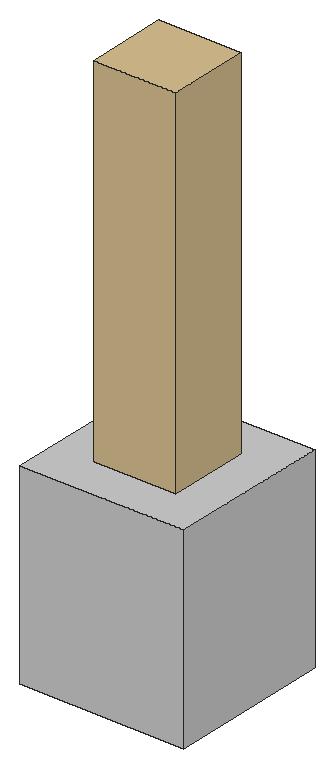
Revit family "STC_A3-Pile-Timber-Square-(NZ)", category Structural Foundations, Revit 2016
Family settings
  Material for Model Behavior = Other
  Cap = No
  Work Plane-Based = No
  Always vertical = Yes
  Cut with Voids When Loaded = No
  Shared = No
Parameters (values of type "125 x 125 Pile Timber")
  Pile Size = 125 mm
  Pad Thickness = 300 mm
  Pad Size = 250 mm
  Offset Vert [instance] = 62.5 mm
  Offset Pad Vert [instance] = Offset Vert + ((Pad Size - Pile Size) / 2)  # 125 mm
  Offset Pad Horz [instance] = Offset Horz + ((Pad Size - Pile Size) / 2)  # 125 mm
  Offset Horz [instance] = 62.5 mm
  Floor Depth [instance] = 150.3 mm
  Depth [instance] = 1000 mm
Reference planes
  plane 1 "Center (Front/Back)": y = 277.036
  plane 2: z = 0
  plane 3 "Center (Left/Right)": x = 192.716
  plane 4: y = 214.536
  plane 5: y = 339.536
  plane 6: x = 67.716
  plane 7: x = 317.716
  plane 8: y = 402.036
  plane 9: y = 152.036
  plane 10: x = 130.216
  plane 11: x = 255.216
  plane 12 "Pad Top": z = -700
  plane 13 "Depth": z = -1000
  plane 14: z = -150.3
  plane 15: z = -950
Forms (mm)
  Extrusion 1, solid
    sketch origin (0, 0, -700) x (0, -1, 0) y (1, 0, 0)
      loop
        line (-214.536, 130.216) -> (-214.536, 255.216) -> (-339.536, 255.216) -> (-339.536, 130.216) -> (-214.536, 130.216)
    from -250 to 549.7
  Extrusion 2, solid
    sketch origin (0, 0, -1000) x (0, -1, 0) y (1, 0, 0)
      loop
        line (-152.036, 67.716) -> (-152.036, 317.716) -> (-402.036, 317.716) -> (-402.036, 67.716) -> (-152.036, 67.716)
    from 0 to 300
Lines and regions (mm)
  symbolic lines, style "Plan Rep"
    curve 1: line (67.716, 152.036, 0) -> (317.716, 152.036, 0)
    curve 2: line (317.716, 152.036, 0) -> (317.716, 402.036, 0)
    curve 3: line (317.716, 402.036, 0) -> (67.716, 402.036, 0)
    curve 4: line (67.716, 402.036, 0) -> (67.716, 152.036, 0)
Dimensions and locks
  "Pile Size": plane 4 to plane 5
  "Pad Size": plane 6 to plane 7
  "Pad Size": plane 9 to plane 8
  "Pile Size": plane 10 to plane 11
  "Offset Vert": plane 1 "Center (Front/Back)" to plane 5
  "Pad Thickness": plane 12 "Pad Top" to plane 13 "Depth"
  "Depth": level to plane 13 "Depth"
  "Offset Pad Vert": plane 1 "Center (Front/Back)" to plane 8
  "Offset Pad Horz": plane 6 to plane 3 "Center (Left/Right)"
  "Offset Horz": plane 10 to plane 3 "Center (Left/Right)"
  "Floor Depth": level to plane 14
  plane 15 to plane 13 "Depth" = 50 mm
  aligned and locked: plane 10 to Extrusion 1 sketch curve
  aligned and locked: Extrusion 1 sketch curve to plane 4
  aligned and locked: plane 11 to Extrusion 1 sketch curve
  aligned and locked: plane 5 to Extrusion 1 sketch curve
  aligned and locked: Extrusion 1 sketch curve to plane 10
  aligned and locked: plane 6 to Extrusion 2 sketch curve
  aligned and locked: Extrusion 2 sketch curve to plane 9
  aligned and locked: plane 7 to Extrusion 2 sketch curve
  aligned and locked: plane 8 to Extrusion 2 sketch curve
  aligned and locked: Extrusion 2 sketch curve to plane 6
  aligned and locked: Extrusion 2 to plane 12 "Pad Top"
  aligned and locked: Extrusion 2 to curve 1
  aligned and locked: curve 1 to Extrusion 2
  aligned and locked: curve 2 to Extrusion 2
  aligned and locked: curve 3 to Extrusion 2
  aligned and locked: Extrusion 1 to plane 14
  aligned and locked: plane 15 to Extrusion 1
